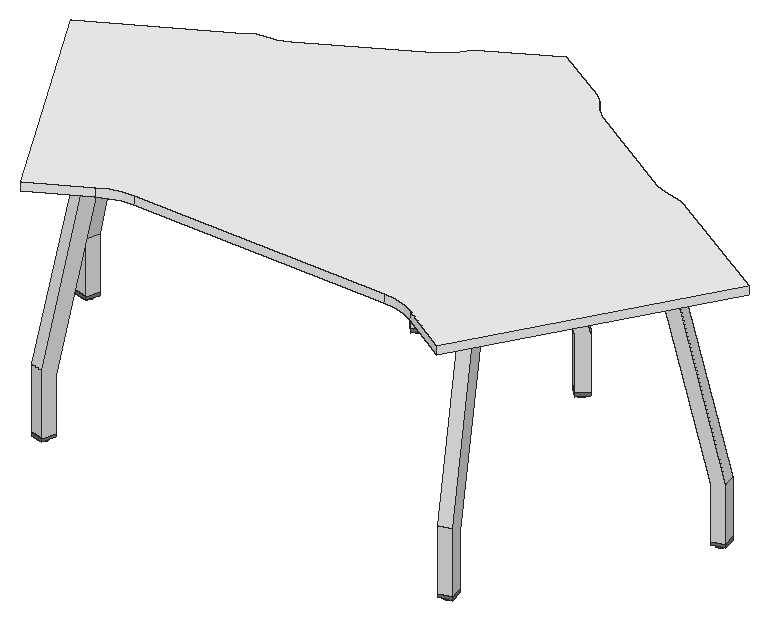
Revit family "Script Angled Leg 120 degree workstation 800 Deep", category Furniture, Revit 2016
Family settings
  OmniClass Number = 23.40.20.00
  OmniClass Title = General Furniture and Specialties
  Work Plane-Based = No
  Always vertical = Yes
  Cut with Voids When Loaded = No
  Shared = No
  Room Calculation Point = No
Parameters
  URL = "www.gof.co.uk"
  Type Comments = ""
  Product Code = "XDY128"
  Desktop = Gresham - White MFC
  Model = ""
  Manufacturer = "Gresham Office Furniture"  # constant formula
  Frame = Gresham - Silver Metal
  Foot = Gresham - Black Plastic
  Assembly Code = "E2020200"
Reference planes
  plane 1 "Center (Front/Back)": y = -58.397
  plane 2: z = 0
  plane 3 "Center (Left/Right)": x = 0
  plane 4 "Desktop Underside": z = 702
  plane 5 "Foot": z = 15
  plane 6: y = 588.013
  plane 7: y = -704.808
  plane 8: x = -1039.23
  plane 9: x = 1039.23
Forms (mm)
  Extrusion 1, solid, material "Gresham - Silver Metal" <- "Frame"
    sketch origin (511.714, -228.91, 702) x (0.258819, -0.965926, 0) y (0, 0, 1)
      loop
        line (-93, -40) -> (274.814, -40) -> (402.685, -528.152) -> (402.685, -687) -> (442.685, -687) -> (442.685, -501.184) -> (311.4, 0) -> (-93, 0) -> (-93, -40)
    from -20 to 20
  Extrusion 2, solid, material "Gresham - Black Plastic" <- "Foot"
    sketch origin (59.808, 91.603, 15) x (-0.866025, 0.5, 0) y (-0.5, -0.866025, 0)
      loop
        line (-850.503, 378.787) -> (-878.787, 350.503) -> (-850.503, 322.218) -> (-822.218, 350.503) -> (-850.503, 378.787)
      loop
        line (-850.503, -378.787) -> (-822.218, -350.503) -> (-850.503, -322.218) -> (-878.787, -350.503) -> (-850.503, -378.787)
    from 0 to -10
  Extrusion 3, solid, material "Gresham - Black Plastic"
    sketch origin (59.808, 91.603, 0) x (0.866025, -0.5, 0) y (0.5, 0.866025, 0)
      loop
        circle (850.503, -350.503) r 15
      loop
        circle (850.503, 350.503) r 15
    from 0 to 5
  Extrusion 4, solid, material "Gresham - Silver Metal" <- "Frame"
    sketch origin (1039.23, -11.987, 702) x (-0.965926, -0.258819, 0) y (0, 0, 1)
      loop
        line (585.685, -40) -> (585.685, 0) -> (187, 0) -> (50, -523) -> (50, -687) -> (90, -687) -> (90, -528.152) -> (217.872, -40) -> (585.685, -40)
    from -20 to 20
  Extrusion 5, solid, material "Gresham - White MFC" <- "Desktop"
    sketch origin (-74115.542, -33223.428, 702) x (-1, 0, 0) y (0, -1, 0)
      loop
        line (-74288.747, -33711.441) -> (-74115.542, -33811.441) -> (-73942.337, -33711.441)
        arc (-73942.337, -33711.441) -> (-73920.203, -33695.005) -> (-73902.405, -33673.952) r 120
        arc (-73902.405, -33673.952) -> (-73884.606, -33652.899) -> (-73862.472, -33636.463) r 120
        line (-73862.472, -33636.463) -> (-73553.567, -33458.117)
        arc (-73553.567, -33458.117) -> (-73528.267, -33447.166) -> (-73501.135, -33442.279) r 120
        arc (-73501.135, -33442.279) -> (-73474.003, -33437.391) -> (-73448.703, -33426.441) r 120
        line (-73448.703, -33426.441) -> (-73076.312, -33211.441) -> (-73476.312, -32518.62) -> (-73632.196, -32608.62)
        arc (-73632.196, -32608.62) -> (-73680.432, -32628.6) -> (-73732.196, -32635.415) r 200
        line (-73732.196, -32635.415) -> (-74498.888, -32635.415)
        arc (-74498.888, -32635.415) -> (-74550.652, -32628.6) -> (-74598.888, -32608.62) r 200
        line (-74598.888, -32608.62) -> (-74754.773, -32518.62) -> (-75154.773, -33211.441) -> (-74782.382, -33426.441)
        arc (-74782.382, -33426.441) -> (-74757.081, -33437.391) -> (-74729.949, -33442.279) r 120
        arc (-74729.949, -33442.279) -> (-74702.817, -33447.166) -> (-74677.517, -33458.117) r 120
        line (-74677.517, -33458.117) -> (-74368.612, -33636.463)
        arc (-74368.612, -33636.463) -> (-74346.478, -33652.899) -> (-74328.68, -33673.952) r 120
        arc (-74328.68, -33673.952) -> (-74310.881, -33695.005) -> (-74288.747, -33711.441) r 120
    from 0 to 25
  Extrusion 6, solid, material "Gresham - Silver Metal" <- "Frame"
    sketch origin (-492.82, -158.397, 702) x (-0.258819, -0.965926, 0) y (0, 0, 1)
      loop
        line (-20, -40) -> (347.814, -40) -> (475.685, -528.152) -> (475.685, -687) -> (515.685, -687) -> (515.685, -501.184) -> (384.4, 0) -> (-20, 0) -> (-20, -40)
    from -20 to 20
  Extrusion 7, solid, material "Gresham - Black Plastic" <- "Foot"
    sketch origin (-59.808, 91.603, 15) x (0.866025, 0.5, 0) y (-0.5, 0.866025, 0)
      loop
        line (-850.503, -378.787) -> (-822.218, -350.503) -> (-850.503, -322.218) -> (-878.787, -350.503) -> (-850.503, -378.787)
      loop
        line (-850.503, 378.787) -> (-878.787, 350.503) -> (-850.503, 322.218) -> (-822.218, 350.503) -> (-850.503, 378.787)
    from 0 to -10
  Extrusion 8, solid, material "Gresham - Black Plastic"
    sketch origin (-59.808, 91.603, 0) x (-0.866025, -0.5, 0) y (0.5, -0.866025, 0)
      loop
        circle (850.503, 350.503) r 15
      loop
        circle (850.503, -350.503) r 15
    from 0 to 5
  Extrusion 9, solid, material "Gresham - Silver Metal" <- "Frame"
    sketch origin (-1039.23, -11.987, 702) x (0.965926, -0.258819, 0) y (0, 0, 1)
      loop
        line (585.685, -40) -> (585.685, 0) -> (187, 0) -> (50, -523) -> (50, -687) -> (90, -687) -> (90, -528.152) -> (217.872, -40) -> (585.685, -40)
    from -20 to 20
  Extrusion 10, solid, material "Gresham - Silver Metal" <- "Frame"
    sketch origin (-300, 385.94, 702) x (0.707107, -0.707107, 0) y (0, 0, 1)
      loop
        line (444.264, -40) -> (444.264, 0) -> (187, 0) -> (50, -523) -> (50, -687) -> (90, -687) -> (90, -528.152) -> (217.872, -40) -> (444.264, -40)
    from -20 to 20
  Extrusion 11, solid, material "Gresham - Black Plastic" <- "Foot"
    sketch origin (0, -514.06, 15) x (0, -1, 0) y (1, 0, 0)
      loop
        line (-850.503, -278.787) -> (-822.218, -250.503) -> (-850.503, -222.218) -> (-878.787, -250.503) -> (-850.503, -278.787)
      loop
        line (-850.503, 278.787) -> (-878.787, 250.503) -> (-850.503, 222.218) -> (-822.218, 250.503) -> (-850.503, 278.787)
    from 0 to -10
  Extrusion 12, solid, material "Gresham - Black Plastic"
    sketch origin (0, -514.06, 0) x (0, 1, 0) y (-1, 0, 0)
      loop
        circle (850.503, 250.503) r 15
      loop
        circle (850.503, -250.503) r 15
    from 0 to 5
  Extrusion 13, solid, material "Gresham - Silver Metal" <- "Frame"
    sketch origin (300, 385.94, 702) x (-0.707107, -0.707107, 0) y (0, 0, 1)
      loop
        line (444.264, -40) -> (444.264, 0) -> (187, 0) -> (50, -523) -> (50, -687) -> (90, -687) -> (90, -528.152) -> (217.872, -40) -> (444.264, -40)
    from -20 to 20
Cuts and joins
  joined: Extrusion 1, Extrusion 4
  joined: Extrusion 6, Extrusion 9
  joined: Extrusion 10, Extrusion 13
Lines and regions (mm)
  reference lines
    curve 1: line (1039.23, -11.987, 702) -> (492.82, -158.397, 702)
    curve 2: line (492.82, -158.397, 702) -> (639.23, -704.808, 702)
    curve 3: line (-1039.23, -11.987, 702) -> (-492.82, -158.397, 702)
    curve 4: line (-492.82, -158.397, 702) -> (-639.23, -704.808, 702)
    curve 5: line (300, 385.94, 702) -> (0, 85.94, 702)
    curve 6: line (-300, 385.94, 702) -> (0, 85.94, 702)
Dimensions and locks
  locked: plane 4 "Desktop Underside" to plane 2 at 702
  plane 2 to plane 5 "Foot" to Extrusion 1 = 15 mm locked, 647 mm
  equal spacing: plane 7, plane 1 "Center (Front/Back)", plane 6
  locked: curve 6 to Extrusion 10 at 50
  locked: curve 5 to Extrusion 13 at 50
  locked: curve 1 to cut or joined group of Extrusion 1, Extrusion 4 at 50
  locked: curve 3 to cut or joined group of Extrusion 6, Extrusion 9 at 50
  Extrusion 5 to Extrusion 5 = 1200 mm  (x2)
  Extrusion 5 to level = 727 mm
  aligned and locked: level to plane 2
Automatic sketch dimensions
  plane 7 to curve 2 = 0 mm
  plane 7 to curve 4 = 0 mm
  plane 1 "Center (Front/Back)" to curve 2 = 100 mm
  plane 3 "Center (Left/Right)" to curve 2 = 492.82 mm
  plane 1 "Center (Front/Back)" to curve 3 = 100 mm
  curve 3 to plane 3 "Center (Left/Right)" = 492.82 mm
  curve 2 to curve 1 = 146.41 mm
  curve 1 to plane 1 "Center (Front/Back)" = 46.41 mm
  curve 3 to curve 4 = 146.41 mm
  curve 3 to plane 1 "Center (Front/Back)" = 46.41 mm
  Extrusion 1 sketch curve to curve 2 = 0 mm
  Extrusion 1 sketch curve to curve 2 = 20 mm
  curve 2 to Extrusion 1 sketch curve = 40 mm
  Extrusion 1 sketch curve to curve 2 = 217.872 mm
  Extrusion 1 sketch curve to Extrusion 1 sketch curve = 36.586 mm
  Extrusion 1 sketch curve to curve 2 = 90 mm
  Extrusion 1 sketch curve to Extrusion 1 sketch curve = 40 mm
  Extrusion 1 sketch curve to curve 2 = 501.184 mm
  Extrusion 1 sketch curve to Extrusion 1 sketch curve = 26.968 mm
  Extrusion 1 sketch curve to curve 2 = 687 mm
  Extrusion 2 sketch curve to plane 7 = 53.473 mm
  plane 3 "Center (Left/Right)" to Extrusion 2 sketch curve = 645.608 mm
  Extrusion 2 sketch curve to Extrusion 2 sketch curve = 0 mm
  Extrusion 2 sketch curve to Extrusion 2 sketch curve = 28.284 mm  (x6)
  Extrusion 2 sketch curve to Extrusion 2 sketch curve = 644.437 mm
  Extrusion 3 sketch curve to plane 1 "Center (Front/Back)" = 28.293 mm
  plane 3 "Center (Left/Right)" to Extrusion 3 sketch curve = 971.616 mm
  Extrusion 3 sketch curve to Extrusion 3 sketch curve = 0 mm
  Extrusion 3 sketch curve to Extrusion 3 sketch curve = 701.005 mm
  Extrusion 4 sketch curve to curve 1 = 0 mm
  curve 1 to Extrusion 4 sketch curve = 50 mm
  Extrusion 4 sketch curve to Extrusion 4 sketch curve = 40 mm
  curve 1 to Extrusion 4 sketch curve = 187 mm
  Extrusion 4 sketch curve to Extrusion 4 sketch curve = 30.872 mm
  curve 1 to Extrusion 4 sketch curve = 20 mm
  Extrusion 4 sketch curve to curve 1 = 40 mm
  Extrusion 4 sketch curve to curve 1 = 523 mm
  Extrusion 4 sketch curve to Extrusion 4 sketch curve = 5.152 mm
  Extrusion 4 sketch curve to curve 1 = 687 mm
  plane 7 to Extrusion 5 sketch curve = 0 mm  (x2)
  Extrusion 5 sketch curve to plane 3 "Center (Left/Right)" = 0 mm
  plane 6 to Extrusion 5 sketch curve = 0 mm
  plane 3 "Center (Left/Right)" to Extrusion 5 sketch curve = 113.205 mm
  Extrusion 5 sketch curve to Extrusion 5 sketch curve = 60 mm  (x6)
  Extrusion 5 sketch curve to Extrusion 5 sketch curve = 79.865 mm  (x2)
  plane 6 to Extrusion 5 sketch curve = 71.054 mm  (x2)
  plane 7 to Extrusion 5 sketch curve = 83.205 mm  (x2)
  plane 3 "Center (Left/Right)" to Extrusion 5 sketch curve = 383.346 mm
  Extrusion 5 sketch curve to plane 7 = 90 mm  (x2)
  Extrusion 5 sketch curve to Extrusion 5 sketch curve = 100 mm
  Extrusion 5 sketch curve to Extrusion 5 sketch curve = 308.905 mm  (x2)
  Extrusion 5 sketch curve to Extrusion 5 sketch curve = 44.865 mm  (x2)
  Extrusion 5 sketch curve to Extrusion 5 sketch curve = 155.885 mm  (x2)
  Extrusion 5 sketch curve to plane 1 "Center (Front/Back)" = 261.41 mm  (x2)
  Extrusion 5 sketch curve to Extrusion 5 sketch curve = 104.865 mm  (x2)
  Extrusion 5 sketch curve to plane 3 "Center (Left/Right)" = 113.205 mm
  Extrusion 5 sketch curve to plane 3 "Center (Left/Right)" = 383.346 mm
  plane 6 to Extrusion 5 sketch curve = 100 mm  (x2)
  Extrusion 5 sketch curve to Extrusion 5 sketch curve = 74.977 mm  (x2)
  Extrusion 5 sketch curve to Extrusion 5 sketch curve = 103.923 mm  (x4)
  Extrusion 5 sketch curve to Extrusion 5 sketch curve = 135.599 mm  (x2)
  Extrusion 5 sketch curve to Extrusion 5 sketch curve = 31.676 mm  (x2)
  curve 4 to Extrusion 6 sketch curve = 0 mm
  Extrusion 6 sketch curve to curve 4 = 20 mm
  curve 4 to Extrusion 6 sketch curve = 40 mm
  Extrusion 6 sketch curve to curve 4 = 217.872 mm
  Extrusion 6 sketch curve to Extrusion 6 sketch curve = 36.586 mm
  Extrusion 6 sketch curve to curve 4 = 90 mm
  Extrusion 6 sketch curve to Extrusion 6 sketch curve = 40 mm
  Extrusion 6 sketch curve to curve 4 = 501.184 mm
  Extrusion 6 sketch curve to Extrusion 6 sketch curve = 26.968 mm
  Extrusion 6 sketch curve to curve 4 = 687 mm
  plane 7 to Extrusion 7 sketch curve = 53.473 mm
  plane 3 "Center (Left/Right)" to Extrusion 7 sketch curve = 645.608 mm
  Extrusion 7 sketch curve to Extrusion 7 sketch curve = 0 mm
  Extrusion 7 sketch curve to Extrusion 7 sketch curve = 28.284 mm  (x6)
  Extrusion 7 sketch curve to Extrusion 7 sketch curve = 644.437 mm
  plane 1 "Center (Front/Back)" to Extrusion 8 sketch curve = 28.293 mm
  plane 3 "Center (Left/Right)" to Extrusion 8 sketch curve = 971.616 mm
  Extrusion 8 sketch curve to Extrusion 8 sketch curve = 0 mm
  Extrusion 8 sketch curve to Extrusion 8 sketch curve = 701.005 mm
  curve 3 to Extrusion 9 sketch curve = 0 mm
  curve 3 to Extrusion 9 sketch curve = 50 mm
  Extrusion 9 sketch curve to Extrusion 9 sketch curve = 40 mm
  curve 3 to Extrusion 9 sketch curve = 187 mm
  Extrusion 9 sketch curve to Extrusion 9 sketch curve = 30.872 mm
  curve 3 to Extrusion 9 sketch curve = 20 mm
  Extrusion 9 sketch curve to curve 3 = 40 mm
  Extrusion 9 sketch curve to curve 3 = 523 mm
  Extrusion 9 sketch curve to Extrusion 9 sketch curve = 5.152 mm
  Extrusion 9 sketch curve to curve 3 = 687 mm
  curve 6 to Extrusion 10 sketch curve = 0 mm
  curve 6 to Extrusion 10 sketch curve = 50 mm
  Extrusion 10 sketch curve to Extrusion 10 sketch curve = 40 mm
  curve 6 to Extrusion 10 sketch curve = 187 mm
  Extrusion 10 sketch curve to Extrusion 10 sketch curve = 30.872 mm
  curve 6 to Extrusion 10 sketch curve = 20 mm
  Extrusion 10 sketch curve to curve 6 = 40 mm
  Extrusion 10 sketch curve to curve 6 = 523 mm
  Extrusion 10 sketch curve to Extrusion 10 sketch curve = 5.152 mm
  Extrusion 10 sketch curve to curve 6 = 687 mm
  plane 6 to Extrusion 11 sketch curve = 223.286 mm  (x2)
  Extrusion 11 sketch curve to Extrusion 11 sketch curve = 28.284 mm  (x6)
  Extrusion 11 sketch curve to plane 3 "Center (Left/Right)" = 278.787 mm
  plane 3 "Center (Left/Right)" to Extrusion 11 sketch curve = 222.218 mm
  plane 6 to Extrusion 12 sketch curve = 251.57 mm  (x2)
  plane 3 "Center (Left/Right)" to Extrusion 12 sketch curve = 250.503 mm
  Extrusion 12 sketch curve to plane 3 "Center (Left/Right)" = 250.503 mm
  Extrusion 13 sketch curve to curve 5 = 0 mm
  curve 5 to Extrusion 13 sketch curve = 50 mm
  Extrusion 13 sketch curve to Extrusion 13 sketch curve = 40 mm
  curve 5 to Extrusion 13 sketch curve = 187 mm
  Extrusion 13 sketch curve to Extrusion 13 sketch curve = 30.872 mm
  curve 5 to Extrusion 13 sketch curve = 20 mm
  Extrusion 13 sketch curve to curve 5 = 40 mm
  Extrusion 13 sketch curve to curve 5 = 523 mm
  Extrusion 13 sketch curve to Extrusion 13 sketch curve = 5.152 mm
  Extrusion 13 sketch curve to curve 5 = 687 mm
  curve 6 to plane 3 "Center (Left/Right)" = 0 mm
  curve 6 to plane 1 "Center (Front/Back)" = 144.338 mm
  plane 3 "Center (Left/Right)" to curve 5 = 300 mm
  curve 6 to plane 3 "Center (Left/Right)" = 300 mm
  plane 6 to curve 5 = 202.073 mm
  radius of Extrusion 3 sketch curve = 15 mm  (x2)
  radius of Extrusion 8 sketch curve = 15 mm  (x2)
  radius of Extrusion 12 sketch curve = 15 mm  (x2)
